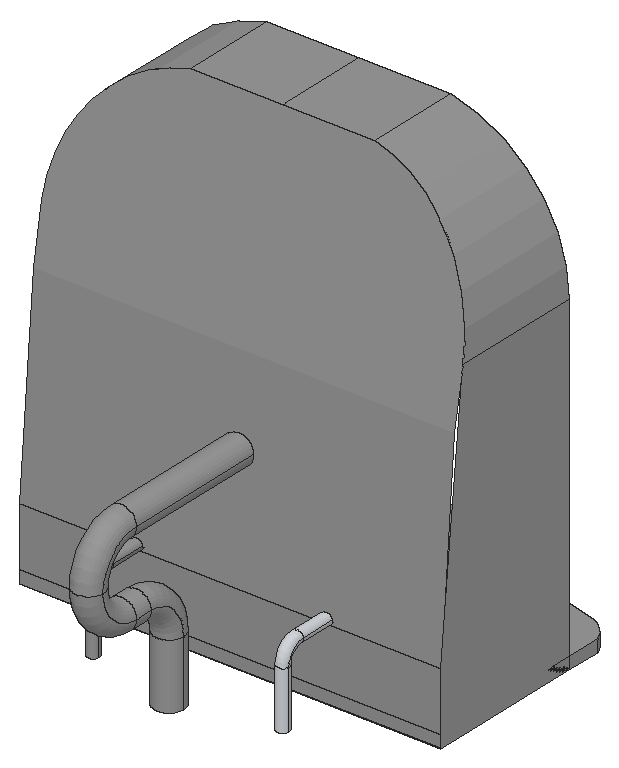
Revit family "Lavatory-Willoughby-WEL-2311", category Plumbing Fixtures, Revit 2015
Parameters (values of type "Standard")
  Waste DIA = 1 1/4"
  Waste Connection = yes
  Vent Connection = no
  URL = "https://www.willoughby-ind.com/wp-content/uploads/2018/01/WEL-2311.pdf"
  Revision = "A"
  Model = "WEL-2311"
  Manufacturer = "Willoughby Industries"
  LAV HW DIA = 1/2"
  LAV CW DIA = 1/2"
  HW Connection = yes
  Fixture Body = Stainless Steel AISI 304-Willoughby
  Description = "Single Station Executive Lavatory"
  Default Elevation = 0' - 0"
  Contact = "(800) 428-4065"
  CW Connection = yes
  AquaSurf Solid surface = Solid Surface Acrylic Resin-Willoughby
Reference planes (in)
  plane 1 "Center (Front/Back)": y = 0
  plane 2: z = 0
  plane 3 "Center (Left/Right)": x = 0
  plane 4: x = -8.875
  plane 5: x = 8.875
  plane 6 "Top Of Sink": y = 34
  plane 7: y = 38
  plane 8: x = 3.98026
  plane 9: x = 7.125
  plane 10: x = 6.56432
  plane 11: x = 4.64411
  plane 12: z = 1.48718
  plane 13: z = 3.18149
  plane 14: y = 24
  plane 15: z = 8
  plane 16: z = 3.375
Forms (in)
  Extrusion 1, solid, material "Solid Surface Acrylic Resin-Willoughby" <- "AquaSurf Solid surface"
    sketch origin (0, 0, 0) x (1, 0, 0) y (0, 1, 0)
      loop
        line (-8.875, 34) -> (-8.875, 27.25) -> (8.875, 27.25) -> (8.875, 34) -> (8.875, 35.5)
        arc (8.875, 35.5) -> (8.47014, 36.09514) -> (7.875, 36.5) r 1.92526
        line (7.875, 36.5) -> (4.50418, 37.3427)
        arc (4.50418, 37.3427) -> (0.44136, 38.00011) -> (-3.64942, 37.54827) r 15.26563
        line (-3.64942, 37.54827) -> (-7.93084, 36.47682)
        arc (-7.93084, 36.47682) -> (-8.49986, 36.08211) -> (-8.875, 35.5) r 1.77852
        line (-8.875, 35.5) -> (-8.875, 34)
    from 0 to 0.5
  Extrusion 2, solid, material "Solid Surface Acrylic Resin-Willoughby" <- "AquaSurf Solid surface"
    sketch origin (0, 0, 0) x (1, 0, 0) y (0, 0, 1)
      loop
        line (8.875, 0) -> (8.875, 14)
        arc (8.875, 14) -> (7.46115, 17.90512) -> (3.875, 20) r 6.1
        line (3.875, 20) -> (0, 20) -> (-3.875, 20)
        arc (-3.875, 20) -> (-7.46115, 17.90512) -> (-8.875, 14) r 6.1
        line (-8.875, 14) -> (-8.875, 0) -> (8.875, 0)
    from -34 to -27.25
  Extrusion 3, void
    sketch origin (0, 0, 0) x (0, 1, 0) y (0, 0, 1)
      loop
        arc (27.25, 3) -> (27.94194, 11.6105) -> (30, 20) r 53.92045
        line (30, 20) -> (27.25, 20) -> (27.25, 3)
    from 8.875 to -8.875
  Extrusion 4, void
    sketch origin (0, 34, 0) x (-1, 0, 0) y (0, 0, 1)
      loop
        arc (-3.875, 18.5) -> (-6.47937, 16.91451) -> (-7.375, 14) r 4.29451
        line (-7.375, 14) -> (-6.62497, 2.43528)
        arc (-6.62497, 2.43528) -> (-6.31091, 1.77037) -> (-5.62707, 1.5) r 1
        line (-5.62707, 1.5) -> (5.62539, 1.5)
        arc (5.62539, 1.5) -> (6.30918, 1.77032) -> (6.62328, 2.43514) r 1
        line (6.62328, 2.43514) -> (7.375, 14)
        arc (7.375, 14) -> (6.47956, 16.91466) -> (3.875, 18.5) r 4.29381
        line (3.875, 18.5) -> (-3.875, 18.5)
    from 0 to -0.375
  Extrusion 5, void
    sketch origin (0, 33.23561, -0.22404) x (-1, 0, 0) y (0, 0.151442, 0.988466)
      loop
        arc (-3.875, 18.5) -> (-6.47937, 16.91451) -> (-7.375, 14) r 4.29451
        line (-7.375, 14) -> (-6.85319, 5.95415)
        arc (-6.85319, 5.95415) -> (-6.53913, 5.28924) -> (-5.85528, 5.01887) r 1
        line (-5.85528, 5.01887) -> (5.85412, 5.01887)
        arc (5.85412, 5.01887) -> (6.53791, 5.28919) -> (6.85201, 5.95401) r 1
        line (6.85201, 5.95401) -> (7.375, 14)
        arc (7.375, 14) -> (6.47956, 16.91466) -> (3.875, 18.5) r 4.29381
        line (3.875, 18.5) -> (-3.875, 18.5)
    from -0.375 to -4.375
  Sweep 6, solid, material "Stainless Steel AISI 304-Willoughby" <- "Fixture Body", detail levels fine
    path origin (0, 0, 0) x (0, 1, 0) y (0, 0, 1)
      loop
        line (24, 0) -> (24, 2.75)
        arc (24, 2.75) -> (23.48744, 3.98744) -> (22.25, 4.5) r 1.75
        line (22.25, 4.5) -> (21.5, 4.5)
        arc (21.5, 4.5) -> (20.26256, 5.01256) -> (19.75, 6.25) r 1.75
        arc (19.75, 6.25) -> (20.26256, 7.48744) -> (21.5, 8) r 1.75
        line (21.5, 8) -> (27.75, 8)
    profile origin (0, 24, 1.375) x (0, -1, 0) y (1, 0, 0)
      loop
        circle (0, 0) r 0.625
  Sweep 7, solid, material "Stainless Steel AISI 304-Willoughby" <- "Fixture Body", detail levels fine
    path origin (0, 0, 0) x (0, 1, 0) y (0, 0, 1)
      loop
        line (25, 0) -> (25, 2.43149)
        arc (25, 2.43149) -> (25.21967, 2.96182) -> (25.75, 3.18149) r 0.75
        line (25.75, 3.18149) -> (27.5, 3.18149)
    profile origin (0, 25, 1.21574) x (0, -1, 0) y (1, 0, 0)
      loop
        circle (0, -4) r 0.25
  Sweep 8, solid, detail levels fine
    path origin (0, 0, 0) x (0, 1, 0) y (0, 0, -1)
      loop
        line (25, 0) -> (25, -2.43149)
        arc (25, -2.43149) -> (25.21967, -2.96182) -> (25.75, -3.18149) r 0.75
        line (25.75, -3.18149) -> (27.5, -3.18149)
    profile origin (0, 25, 1.21574) x (0, 1, 0) y (-1, 0, 0)
      loop
        circle (0, -4) r 0.25
Cuts and joins
  Extrusion 3, Extrusion 4, Extrusion 5 cuts Extrusion 2
Lines and regions (in)
  symbolic lines
    curve 1: line (-8.875, 27.25, 0) -> (-8.875, 34, 0)
    curve 2: line (-8.875, 34, 0) -> (8.875, 34, 0)
    curve 3: line (8.875, 34, 0) -> (8.875, 27.25, 0)
    curve 4: line (8.875, 27.25, 0) -> (-8.875, 27.25, 0)
    curve 8: line (-3.64942, 37.54827, 0) -> (-2.35306, 37.81101, 0)
    curve 24: line (8.875, 34, 0) -> (8.875, 34, 14)
    curve 25: arc (8.875, 34, 14) -> (7.46115, 34, 17.90512) -> (3.875, 34, 20) r 6.1
    curve 26: line (3.875, 34, 20) -> (-3.875, 34, 20)
    curve 27: arc (-3.875, 34, 20) -> (-7.46115, 34, 17.90512) -> (-8.875, 34, 14) r 6.1
    curve 28: line (-8.875, 34, 14) -> (-8.875, 34, 0)
    curve 29: line (-8.875, 34, 0) -> (8.875, 34, 0)
    curve 39: line (0, 27.25, 0) -> (0, 38, 0)
    curve 40: line (0, 38, 0) -> (0, 38, 0.5)
    curve 41: line (0, 38, 0.5) -> (0, 27.25, 0.5)
    curve 42: line (0, 34, 0.5) -> (0, 34, 20)
    curve 43: line (0, 34, 20) -> (0, 30, 20)
    curve 44: arc (0, 30, 20) -> (0, 27.94194, 11.6105) -> (0, 27.25, 3) r 53.92045
    curve 45: line (0, 27.25, 3) -> (0, 27.25, 0.5)
  symbolic lines, detail levels medium+fine
    curve 5: line (-8.875, 34, 0) -> (-8.875, 35.5, 0)
    curve 6: arc (-8.875, 35.5, 0) -> (-8.48472, 36.09744, 0) -> (-7.88728, 36.48772, 0) r 1.73823
    curve 7: line (-7.88728, 36.48772, 0) -> (-3.64942, 37.54827, 0)
    curve 9: line (8.875, 34, 0) -> (8.875, 35.5, 0)
    curve 10: arc (8.875, 35.5, 0) -> (8.47014, 36.09514, 0) -> (7.875, 36.5, 0) r 1.92526
    curve 11: line (7.875, 36.5, 0) -> (4.50418, 37.3427, 0)
    curve 12: arc (4.50418, 37.3427, 0) -> (0.44124, 37.99539, 0) -> (-3.64942, 37.54827, 0) r 15.39185
    curve 13: arc (-8.875, 28.38395, 0) -> (-8.79388, 28.60345, 0) -> (-8.62635, 28.76683, 0) r 0.53147
    curve 14: arc (-8.62635, 28.76683, 0) -> (-8.36053, 28.95248, 0) -> (-8.07478, 29.10568, 0) r 2.76079
    curve 15: arc (-8.07478, 29.10568, 0) -> (-7.49649, 29.34422, 0) -> (-6.90016, 29.53321, 0) r 7.42104
    curve 16: arc (-6.90016, 29.53321, 0) -> (-5.40062, 29.85113, 0) -> (-3.875, 30, 0) r 13.73636
    curve 17: arc (3.875, 30, 0) -> (5.22758, 29.86742, 0) -> (6.56432, 29.62204, 0) r 16.21676
    curve 18: arc (6.56432, 29.62204, 0) -> (7.30347, 29.41147, 0) -> (8.01558, 29.12233, 0) r 7.10959
    curve 19: arc (8.01558, 29.12233, 0) -> (8.29886, 28.97738, 0) -> (8.57191, 28.81395, 0) r 4.79493
    curve 20: arc (8.57191, 28.81395, 0) -> (8.76528, 28.62843, 0) -> (8.875, 28.38395, 0) r 0.70163
    curve 23: line (-3.875, 30, 0) -> (3.875, 30, 0)
    curve 30: line (8.875, 34, 0.5) -> (-8.875, 34, 0.5)
  symbolic lines, detail levels fine
    curve 21: line (-3.875, 34, 0) -> (-3.875, 30, 0)
    curve 22: line (3.875, 34, 0) -> (3.875, 30, 0)
    curve 31: line (5.68969, 34, 1.5) -> (-5.68673, 34, 1.5)
    curve 32: line (6.62497, 34, 2.43528) -> (7.36067, 34, 13.91172)
    curve 33: arc (7.36067, 34, 13.91172) -> (6.59906, 34, 17.02899) -> (3.875, 34, 18.72514) r 4.24993
    curve 34: line (3.875, 34, 18.72514) -> (-3.875, 34, 18.72514)
    curve 35: arc (-3.875, 34, 18.72514) -> (-6.38879, 34, 17.10208) -> (-7.375, 34, 14.27704) r 4.60622
    curve 36: line (-7.375, 34, 14.27704) -> (-6.62338, 34, 2.43665)
    curve 37: arc (-6.62338, 34, 2.43665) -> (-6.34904, 34, 1.77434) -> (-5.68673, 34, 1.5) r 0.93665
    curve 38: arc (6.62497, 34, 2.43528) -> (6.35104, 34, 1.77394) -> (5.68969, 34, 1.5) r 0.93528
Dimensions and locks (in)
  plane 4 to plane 5 = 1' - 5 3/4"
  aligned and locked: Extrusion 1 to plane 5
  aligned and locked: plane 4 to Extrusion 1
  aligned and locked: Extrusion 2 to plane 5
  aligned and locked: plane 4 to Extrusion 2
  aligned and locked: Extrusion 2 to level
  aligned and locked: Extrusion 2 to Extrusion 1
Connectors (in)
  piping at (0, 24, 0), diameter 1.25, driven by "Waste DIA", driven by "Waste Connection"
    settings: on Sweep 6, index 1, connector inside diameter 24", connector length 0' - 0", flow factor 0, pipe flow 0 GPM, pressure drop 0.00 psi, fitting loss kfactor 0, connector angle 0.00°, fixture units 0, engagement length 0' - 0", angle of deflection 0.00°, flow configuration 0, flow direction 2, fitting loss method 0, system type 16, joint type 0, gender type 0, connector reference index -1, connector utility 1, adjustable connector no, is connector primary yes, connector description "Sink Waste"
  piping at (-4, 25, 0), diameter 0.5, driven by "LAV HW DIA", driven by "HW Connection"
    settings: on Sweep 7, index 2, connector inside diameter 24", connector length 0' - 0", flow factor 0, pipe flow 0 GPM, pressure drop 0.00 psi, fitting loss kfactor 0, connector angle 0.00°, fixture units 0, engagement length 0' - 0", angle of deflection 0.00°, flow configuration 0, flow direction 1, fitting loss method 0, system type 19, joint type 0, gender type 0, connector reference index -1, connector utility 1, adjustable connector no, is connector primary no, connector description "Lav HW Inlet"
  piping at (4, 25, 0), diameter 0.5, driven by "LAV CW DIA", driven by "CW Connection"
    settings: on Sweep 8, index 3, connector inside diameter 24", connector length 0' - 0", flow factor 0, pipe flow 0 GPM, pressure drop 0.00 psi, fitting loss kfactor 0, connector angle 0.00°, fixture units 0, engagement length 0' - 0", angle of deflection 0.00°, flow configuration 0, flow direction 1, fitting loss method 0, system type 20, joint type 0, gender type 0, connector reference index -1, connector utility 1, adjustable connector no, is connector primary no, connector description "Lav CW Inlet"
